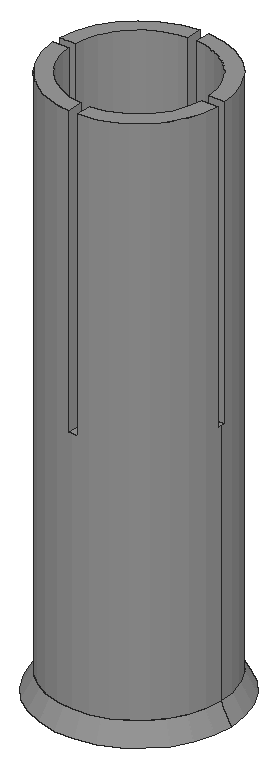
Revit family "Einschlaganker ES M 12x50", category Generic Models, Revit 2017
Family settings
  Can host rebar = No
  Round Connector Dimension = Use Diameter
  Part Type = Normal
  Work Plane-Based = No
  Always vertical = Yes
  Cut with Voids When Loaded = No
  Shared = No
  Room Calculation Point = No
Parameters (values of type "ES M 12x50")
  URL = "http://www.obo-bettermann.com"
  Material = Electrogalvanised
  Manufacturer Art.No. = "3492026"
  Manufacturer = "OBO BETTERMANN"
  GTIN = "4012196709670"
  Article Type = "ES M 12x50"
Reference planes
  plane 1 "Center (Front/Back)": y = 0
  plane 2: z = 0
  plane 3 "Center (Left/Right)": x = 0
  plane 4: z = 50
  plane 5: z = 1.73
  plane 6: x = -8.4
  plane 7: x = 8.4
  plane 8: z = 24
  plane 9: z = 24
  plane 10: through (0, 0, 1200) normal (-0.7071, -0.7071, 0)
  plane 11: z = 24
  plane 12: z = 24
Forms (mm)
  Extrusion 1, solid, material "Electrogalvanised" <- "Material"
    sketch origin (0, 0, 0) x (1, 0, 0) y (0, 1, 0)
      loop
        circle (0, 0) r 7.45
      loop
        circle (0, 0) r 6.047
    from 1.73 to 50
  Revolve 2, solid, material "Electrogalvanised" <- "Material"
    sketch origin (0, 0, 0) x (1, 0, 0) y (0, 0, 1)
      loop
        line (7.45, 1.73) -> (6.047, 1.73) -> (6.047, 0) -> (8.4, 0) -> (7.45, 1.73)
      axis (0, 1.73) -> (0, 0)
    angle from 0 to 360
  Extrusion 3, void
    sketch origin (0, 0, 0) x (1, 0, 0) y (0, 0, 1)
      loop
        line (-0.4, 50) -> (-0.4, 24) -> (0.4, 24) -> (0.4, 50) -> (-0.4, 50)
    from 5.832 to 8.515
  Extrusion 4, void
    sketch origin (0, 0, 0) x (1, 0, 0) y (0, 0, -1)
      loop
        line (-0.4, -50) -> (0.4, -50) -> (0.4, -24) -> (-0.4, -24) -> (-0.4, -50)
    from 5.832 to 8.515
  Extrusion 5, void
    sketch origin (0, 0, 0) x (0, -1, 0) y (0, 0, 1)
      loop
        line (-0.4, 50) -> (-0.4, 24) -> (0.4, 24) -> (0.4, 50) -> (-0.4, 50)
    from 5.832 to 8.515
  Extrusion 6, void
    sketch origin (0, 0, 0) x (0, -1, 0) y (0, 0, -1)
      loop
        line (-0.4, -50) -> (0.4, -50) -> (0.4, -24) -> (-0.4, -24) -> (-0.4, -50)
    from 5.832 to 8.515
Cuts and joins
  Extrusion 3, Extrusion 4, Extrusion 5, Extrusion 6 cuts Extrusion 1
Dimensions and locks
  locked: plane 3 "Center (Left/Right)" to Extrusion 1 sketch curve at 7.45  (x2)
  locked: plane 3 "Center (Left/Right)" to Extrusion 1 sketch curve  (x2)
  locked: plane 3 "Center (Left/Right)" to Extrusion 1 sketch curve at 6.047
  locked: Extrusion 1 to level at 1.73
  locked: Revolve 2 sketch curve to Revolve 2 sketch curve at 1.403
  locked: Revolve 2 sketch curve to Revolve 2 sketch curve at 2.353
  locked: Extrusion 3 sketch curve to Extrusion 3 sketch curve at 0.8
  locked: plane 3 "Center (Left/Right)" to Extrusion 3 sketch curve at 0.4
  locked: Extrusion 1 to Extrusion 3 sketch curve at 26
  locked: Extrusion 4 sketch curve to Extrusion 4 sketch curve at 0.8
  locked: Extrusion 5 sketch curve to Extrusion 5 sketch curve at 0.8
  locked: Extrusion 6 sketch curve to Extrusion 6 sketch curve at 0.8
  aligned and locked: level to plane 2
  aligned and locked: plane 4 to Extrusion 1
  aligned and locked: Extrusion 1 to plane 5
  aligned and locked: Revolve 2 sketch curve to plane 3 "Center (Left/Right)"
  aligned and locked: Revolve 2 sketch curve to plane 5
  aligned and locked: level to Revolve 2 sketch curve
  aligned and locked: Extrusion 1 to Extrusion 3
